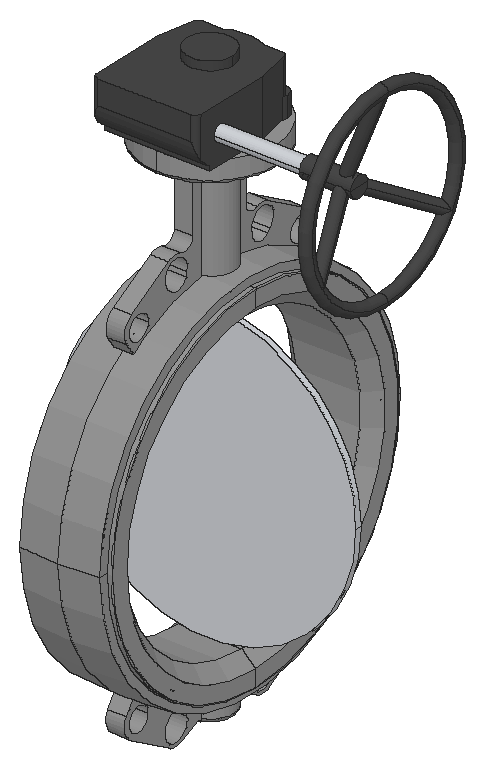
Revit family "Запорно-регулирующая заслонка с ручным редукторным приводом ZF-4219", category Rohrzubehör, Revit 2019
Family settings
  Bemaßung runder Anschluss = Durchmesser verwenden
  Teiletyp = Unterbricht
  Arbeitsebenenbasiert = Nein
  Immer vertikal = Ja
  Beim Laden mit Abzugskörper schneiden = Nein
  Gemeinsam genutzt = Nein
Parameters
  Шпиндель = "Нержавеющая сталь ASTM-A276 / Type 316"  # constant formula
  Фланцевое соединение = "В соответствии с EN1092-2"  # constant formula
  Уплотнение корпуса = "EPDM в соответствии с ISO 1691"  # constant formula
  Среда = "Качество теплоносителя в соответствии с ÖNORM H5195 и/или предписаниями VDI 2035.\r\nРазрешается использование смеси этилен или пропиленгликоля в соотношении 25-50% с водой."
  Область применения = "Применяются в системах тепло- и холодоснабжения."
  Номер заказа [instance] = size_lookup("4219_ZF_G", "Artnr", 1421901, Nennweite)  # 1421969
  Макс. рабочая температура = 110 °C  # constant formula
  Крутящий момент в Нм [instance] = size_lookup("4219_ZF_G", "NM", 350, Nennweite)  # 350
  Корпус = "Чугун GG, GJS-250/JL1040, в соответствии с EN1561"  # constant formula
  Диск = "Нержавеющая сталь 1.4408"  # constant formula
  Вес [instance] = size_lookup("4219_ZF_G", "M", 37.6, Nennweite)  # 37.6
  URL = "www.herz-armaturen.at"
  Болты PN16 [instance] = if(Nennweite = 50 mm, "4x M16x100", if(Nennweite = 65 mm, "4x M16x100", if(Nennweite = 80 mm, "8x M16x100", if(Nennweite = 100 mm, "8x M16x110", if(Nennweite = 125 mm, "8x M16x120", if(Nennweite = 150 mm, "8x M20x120", if(Nennweite = 200 mm, "12x M20x130", if(Nennweite = 250 mm, "12x M24x140", "12x M24x160"))))))))  # "12x M24x160"
  Болты PN 6 [instance] = if(Nennweite = 50 mm, "4x M12x100", if(Nennweite = 65 mm, "4x M12x100", if(Nennweite = 80 mm, "4x M16x100", if(Nennweite = 100 mm, "4x M16x100", if(Nennweite = 125 mm, "8x M16x110", if(Nennweite = 150 mm, "8x M16x110", if(Nennweite = 200 mm, "--", if(Nennweite = 250 mm, "12x M16x130", "12xM16x140"))))))))  # "12xM16x140"
  Болты PN10 [instance] = if(Nennweite = 50 mm, "4x M16x100", if(Nennweite = 65 mm, "4x M16x100", if(Nennweite = 80 mm, "4x M16x100", if(Nennweite = 100 mm, "4x M16x110", if(Nennweite = 125 mm, "8x M16x120", if(Nennweite = 150 mm, "8x M20x120", if(Nennweite = 200 mm, "8x M20x130", if(Nennweite = 250 mm, "12x M20x130", "12x M20x150"))))))))  # "12x M20x150"
  SCTWSEQ = "FW;SBT_TYP_FW=\"101\";2"
  SCTWCODE = "04;07;02"  # constant formula
  SCRNSEQ = "ARM;ARM_TYP=\"ALLF\";2"
  SCRNCODE = "05;13;02"  # constant formula
  R_Dichtung = 1.5 mm  # constant formula
  PN16 [instance] = or(Nennweite = 50 mm, Nennweite = 65 mm, Nennweite = 80 mm, Nennweite = 100 mm, Nennweite = 125 mm, Nennweite = 150 mm, Nennweite = 200 mm, Nennweite = 250 mm, Nennweite = 300 mm)  # yes
  PN10 [instance] = or(Nennweite = 50 mm, Nennweite = 65 mm, Nennweite = 80 mm, Nennweite = 100 mm, Nennweite = 125 mm, Nennweite = 150 mm, Nennweite = 200 mm, Nennweite = 250 mm, Nennweite = 300 mm)  # yes
  PN 6 [instance] = or(Nennweite = 50 mm, Nennweite = 65 mm, Nennweite = 80 mm, Nennweite = 100 mm, Nennweite = 125 mm, Nennweite = 150 mm, Nennweite = 250 mm, Nennweite = 300 mm)  # yes
  PN [instance] = 16  # constant formula
  O-Ring = "EPDM в соответствии с ISO 1691"  # constant formula
  Nennweite [instance] = 300 mm
  Мин. рабочая температура = "-20.00 °C при соответствующей водно-гликолевой смеси"  # constant formula
  LO1 [instance] = R05 + 10 mm  # 193 mm
  L16 [instance] = L01 - L13  # 299 mm
  L15 [instance] = L01 + L12  # 328 mm
  L14 [instance] = size_lookup("4219_ZF_G", "L_14", 44.4 mm, Nennweite)  # 89.4 mm
  L13 [instance] = size_lookup("4219_ZF_G", "L_13", 15 mm, Nennweite)  # 9 mm
  L12 [instance] = size_lookup("4219_ZF_G", "L_12", 15 mm, Nennweite)  # 20 mm
  L11 [instance] = size_lookup("4219_ZF_G", "L_11", 15 mm, Nennweite)  # 23 mm
  L10 [instance] = size_lookup("4219_ZF_G", "L_10", 16 mm, Nennweite)  # 16 mm
  L09 [instance] = size_lookup("4219_ZF_G", "L9", 29 mm, Nennweite)  # 61 mm
  L08 [instance] = size_lookup("4219_ZF_G", "L8", 43 mm, Nennweite)  # 78 mm
  L07 [instance] = size_lookup("4219_ZF_G", "L7", 3.5 mm, Nennweite)  # 4.5 mm
  L06 [instance] = size_lookup("4219_ZF_G", "L6", 18 mm, Nennweite)  # 44 mm
  L05 [instance] = size_lookup("4219_ZF_G", "L5", 35 mm, Nennweite)  # 67 mm
  L04 [instance] = size_lookup("4219_ZF_G", "L4", 35 mm, Nennweite)  # 17.5 mm
  L03 [instance] = size_lookup("4219_ZF_G", "L3", 35 mm, Nennweite)  # 207.5 mm
  L02 [instance] = size_lookup("4219_ZF_G", "L2", 35 mm, Nennweite)  # 122 mm
  L01 [instance] = size_lookup("4219_ZF_G", "L1", 35 mm, Nennweite)  # 308 mm
  Hersteller = "HERZ Armaturen Ges.m.b.H."  # constant formula
  H [instance] = size_lookup("4219_ZF_G", "H1", 9 mm, Nennweite)  # 22 mm
  DN300 [instance] = Nennweite = 300 mm  # yes
  DN250 [instance] = Nennweite = 250 mm  # no
  DN200 [instance] = Nennweite = 200 mm  # no
  DN150 [instance] = Nennweite = 150 mm  # no
  DN125 [instance] = Nennweite = 125 mm  # no
  DN100 [instance] = Nennweite = 100 mm  # no
  DN 80 [instance] = Nennweite = 80 mm  # no
  DN 65 [instance] = Nennweite = 65 mm  # no
  DN 50 [instance] = Nennweite = 50 mm  # no
  BD [instance] = size_lookup("4219_ZF_G", "DB", 24 mm, Nennweite)  # 290 mm
  D09 [instance] = size_lookup("4219_ZF_G", "D9", 24 mm, Nennweite)  # 145 mm
  D08 [instance] = size_lookup("4219_ZF_G", "D8", 47 mm, Nennweite)  # 18 mm
  D07 [instance] = size_lookup("4219_ZF_G", "D7", 47 mm, Nennweite)  # 37.5 mm
  D06 [instance] = size_lookup("4219_ZF_G", "D6", 47 mm, Nennweite)  # 65 mm
  R05 [instance] = size_lookup("4219_ZF_G", "D5", 47 mm, Nennweite)  # 183 mm
  D05 [instance] = R05 * 2  # 366 mm
  D04 [instance] = size_lookup("4219_ZF_G", "D4", 41 mm, Nennweite)  # 175 mm
  D03 [instance] = size_lookup("4219_ZF_G", "D3", 35.5 mm, Nennweite)  # 167.5 mm
  R01 [instance] = size_lookup("4219_ZF_G", "D1", 28 mm, Nennweite)  # 154.5 mm
  R02 [instance] = size_lookup("4219_ZF_G", "D2", 30 mm, Nennweite)  # 156.5 mm
Reference planes
  plane 1 "Mitte (Vorne/hinten)": y = 0
  plane 2: z = 0
  plane 3 "Mitte (Links/rechts)": x = 0
Forms (mm)
  Revolve 1, solid, material "Herz-Metall-blau", detail levels fine
    sketch origin (0, 0, 0) x (1, 0, 0) y (0, 1, 0)
      loop
        line (0, 185.241) -> (-39, 183) -> (-39, 175) -> (-30.5, 175) -> (-30.5, 167.5) -> (-32, 167.5)
        arc (-32, 167.5) -> (-33.061, 167.061) -> (-33.5, 166) r 1.5
        line (-33.5, 166) -> (-33.5, 156.824)
        arc (-33.5, 156.824) -> (-33.229, 155.964) -> (-32.513, 155.415) r 1.5
        line (-32.513, 155.415) -> (-29, 154.5) -> (-22, 154.5) -> (-22, 156.5) -> (22, 156.5) -> (22, 154.5) -> (29, 154.5) -> (32.513, 155.415)
        arc (32.513, 155.415) -> (33.229, 155.964) -> (33.5, 156.824) r 1.5
        line (33.5, 156.824) -> (33.5, 166)
        arc (33.5, 166) -> (33.061, 167.061) -> (32, 167.5) r 1.5
        line (32, 167.5) -> (30.5, 167.5) -> (30.5, 175) -> (39, 175) -> (39, 183) -> (0, 185.241)
      axis (39, 0) -> (-39, 0)
    angle from 0 to 360
  Extrusion 2, solid, material "Herz-Metall-blau", visible <- "DN 50", detail levels fine
    sketch origin (0, 0, 0) x (0, 1, 0) y (0, 0, 1)
      loop
        line (20, 54.051) -> (20.008, 111.113) -> (16.897, 110.952)
        arc (16.897, 110.952) -> (15.55, 110.331) -> (15, 108.954) r 2
        line (15, 108.954) -> (15, 44.542)
        arc (15, 44.542) -> (31.465, 34.913) -> (42.748, 19.534) r 47
        arc (42.748, 19.534) -> (42.633, 20.873) -> (43.392, 21.983) r 2
        line (43.392, 21.983) -> (54.714, 30.209)
        arc (54.714, 30.209) -> (56.569, 56.569) -> (30.209, 54.714) r 17.5
        line (30.209, 54.714) -> (27.87, 51.494)
        arc (27.87, 51.494) -> (23.006, 49.914) -> (20, 54.051) r 4.35
      loop
        arc (32.065, 41.998) -> (33.588, 33.588) -> (41.998, 32.065) r 7.5
        line (41.998, 32.065) -> (48.502, 35.17)
        arc (48.502, 35.17) -> (51.265, 51.265) -> (35.17, 48.502) r 10
        line (35.17, 48.502) -> (32.065, 41.998)
      loop
        arc (-20, 54.051) -> (-23.006, 49.914) -> (-27.87, 51.494) r 4.35
        line (-27.87, 51.494) -> (-30.209, 54.714)
        arc (-30.209, 54.714) -> (-56.569, 56.569) -> (-54.714, 30.209) r 17.5
        line (-54.714, 30.209) -> (-43.392, 21.983)
        arc (-43.392, 21.983) -> (-42.633, 20.873) -> (-42.748, 19.534) r 2
        arc (-42.748, 19.534) -> (-31.465, 34.913) -> (-15, 44.542) r 47
        line (-15, 44.542) -> (-15, 108.954)
        arc (-15, 108.954) -> (-15.55, 110.331) -> (-16.897, 110.952) r 2
        line (-16.897, 110.952) -> (-20.008, 111.113) -> (-20, 54.051)
      loop
        line (-32.065, 41.998) -> (-35.17, 48.502)
        arc (-35.17, 48.502) -> (-51.265, 51.265) -> (-48.502, 35.17) r 10
        line (-48.502, 35.17) -> (-41.998, 32.065)
        arc (-41.998, 32.065) -> (-33.588, 33.588) -> (-32.065, 41.998) r 7.5
      loop
        line (32.065, -41.998) -> (35.17, -48.502)
        arc (35.17, -48.502) -> (51.265, -51.265) -> (48.502, -35.17) r 10
        line (48.502, -35.17) -> (41.998, -32.065)
        arc (41.998, -32.065) -> (33.588, -33.588) -> (32.065, -41.998) r 7.5
      loop
        line (54.714, -30.209) -> (43.392, -21.983)
        arc (43.392, -21.983) -> (42.633, -20.873) -> (42.748, -19.534) r 2
        arc (42.748, -19.534) -> (33.234, -33.234) -> (19.534, -42.748) r 47
        arc (19.534, -42.748) -> (20.873, -42.633) -> (21.983, -43.392) r 2
        line (21.983, -43.392) -> (30.209, -54.714)
        arc (30.209, -54.714) -> (56.569, -56.569) -> (54.714, -30.209) r 17.5
      loop
        arc (-32.065, -41.998) -> (-33.588, -33.588) -> (-41.998, -32.065) r 7.5
        line (-41.998, -32.065) -> (-48.502, -35.17)
        arc (-48.502, -35.17) -> (-51.265, -51.265) -> (-35.17, -48.502) r 10
        line (-35.17, -48.502) -> (-32.065, -41.998)
      loop
        arc (-54.714, -30.209) -> (-56.569, -56.569) -> (-30.209, -54.714) r 17.5
        line (-30.209, -54.714) -> (-21.983, -43.392)
        arc (-21.983, -43.392) -> (-20.873, -42.633) -> (-19.534, -42.748) r 2
        arc (-19.534, -42.748) -> (-33.234, -33.234) -> (-42.748, -19.534) r 47
        arc (-42.748, -19.534) -> (-42.633, -20.873) -> (-43.392, -21.983) r 2
        line (-43.392, -21.983) -> (-54.714, -30.209)
    from -4.5 to 4.5
  Extrusion 3, solid, material "Herz-Metall-blau", visible <- "DN 65", detail levels fine
    sketch origin (0, 0, 0) x (0, 1, 0) y (0, 0, 1)
      loop
        arc (51.659, 21.619) -> (51.541, 22.778) -> (52.089, 23.805) r 2
        line (52.089, 23.805) -> (65.407, 37.123)
        arc (65.407, 37.123) -> (65.407, 65.407) -> (37.123, 65.407) r 20
        line (37.123, 65.407) -> (29.414, 57.699)
        arc (29.414, 57.699) -> (27.235, 57.265) -> (26, 59.113) r 2
        line (26, 59.113) -> (26, 136.154) -> (19.897, 135.838)
        arc (19.897, 135.838) -> (18.55, 135.218) -> (18, 133.841) r 2
        line (18, 133.841) -> (18, 53.028)
        arc (18, 53.028) -> (38.206, 40.942) -> (51.659, 21.619) r 56
      loop
        arc (55.637, 42.831) -> (57.983, 57.983) -> (42.831, 55.637) r 9.5
        line (42.831, 55.637) -> (39.647, 48.983)
        arc (39.647, 48.983) -> (41.012, 41.012) -> (48.983, 39.647) r 7
        line (48.983, 39.647) -> (55.637, 42.831)
      loop
        arc (51.659, -21.619) -> (39.598, -39.598) -> (21.619, -51.659) r 56
        arc (21.619, -51.659) -> (22.778, -51.541) -> (23.805, -52.089) r 2
        line (23.805, -52.089) -> (37.123, -65.407)
        arc (37.123, -65.407) -> (65.407, -65.407) -> (65.407, -37.123) r 20
        line (65.407, -37.123) -> (52.089, -23.805)
        arc (52.089, -23.805) -> (51.541, -22.778) -> (51.659, -21.619) r 2
      loop
        line (55.637, -42.831) -> (48.983, -39.647)
        arc (48.983, -39.647) -> (41.012, -41.012) -> (39.647, -48.983) r 7
        line (39.647, -48.983) -> (42.831, -55.637)
        arc (42.831, -55.637) -> (57.983, -57.983) -> (55.637, -42.831) r 9.5
      loop
        arc (-51.659, -21.619) -> (-51.541, -22.778) -> (-52.089, -23.805) r 2
        line (-52.089, -23.805) -> (-65.407, -37.123)
        arc (-65.407, -37.123) -> (-65.407, -65.407) -> (-37.123, -65.407) r 20
        line (-37.123, -65.407) -> (-23.805, -52.089)
        arc (-23.805, -52.089) -> (-22.778, -51.541) -> (-21.619, -51.659) r 2
        arc (-21.619, -51.659) -> (-39.598, -39.598) -> (-51.659, -21.619) r 56
      loop
        arc (-55.637, -42.831) -> (-57.983, -57.983) -> (-42.831, -55.637) r 9.5
        line (-42.831, -55.637) -> (-39.647, -48.983)
        arc (-39.647, -48.983) -> (-41.012, -41.012) -> (-48.983, -39.647) r 7
        line (-48.983, -39.647) -> (-55.637, -42.831)
      loop
        arc (-51.659, 21.619) -> (-38.206, 40.942) -> (-18, 53.028) r 56
        line (-18, 53.028) -> (-18, 133.838)
        arc (-18, 133.838) -> (-18.55, 135.215) -> (-19.897, 135.835) r 2
        line (-19.897, 135.835) -> (-26, 136.151) -> (-26, 59.113)
        arc (-26, 59.113) -> (-27.235, 57.265) -> (-29.414, 57.699) r 2
        line (-29.414, 57.699) -> (-37.123, 65.407)
        arc (-37.123, 65.407) -> (-65.407, 65.407) -> (-65.407, 37.123) r 20
        line (-65.407, 37.123) -> (-52.089, 23.805)
        arc (-52.089, 23.805) -> (-51.541, 22.778) -> (-51.659, 21.619) r 2
      loop
        line (-55.637, 42.831) -> (-48.983, 39.647)
        arc (-48.983, 39.647) -> (-41.012, 41.012) -> (-39.647, 48.983) r 7
        line (-39.647, 48.983) -> (-42.831, 55.637)
        arc (-42.831, 55.637) -> (-57.983, 57.983) -> (-55.637, 42.831) r 9.5
    from -4.5 to 4.5
  Extrusion 4, solid, material "Herz-Metall-blau", visible <- "DN 80", detail levels fine
    sketch origin (0, 0, 0) x (0, 1, 0) y (0, 0, 1)
      loop
        line (26, 143.161) -> (20.397, 142.871)
        arc (20.397, 142.871) -> (19.05, 142.251) -> (18.5, 140.874) r 2
        line (18.5, 140.874) -> (18.5, 62.833)
        arc (18.5, 62.833) -> (41.296, 50.842) -> (57.706, 30.989) r 65.5
        arc (57.706, 30.989) -> (57.482, 32.176) -> (57.983, 33.275) r 2
        line (57.983, 33.275) -> (67.23, 43.52)
        arc (67.23, 43.52) -> (70.328, 54.798) -> (65.407, 65.407) r 17
        line (65.407, 65.407) -> (42.005, 86.53)
        arc (42.005, 86.53) -> (37.832, 89.302) -> (33.031, 90.738) r 17
        arc (33.031, 90.738) -> (27.974, 93.895) -> (26, 99.52) r 9
        line (26, 99.52) -> (26, 143.161)
      loop
        circle (30.615, 73.91) r 9.5
      loop
        circle (53.387, 53.387) r 9.5
      loop
        arc (57.706, -30.989) -> (41.296, -50.842) -> (18.5, -62.833) r 65.5
        line (18.5, -62.833) -> (18.5, -85.837)
        arc (18.5, -85.837) -> (30.113, -90.903) -> (42.005, -86.53) r 17
        line (42.005, -86.53) -> (65.407, -65.407)
        arc (65.407, -65.407) -> (70.328, -54.798) -> (67.23, -43.52) r 17
        line (67.23, -43.52) -> (57.983, -33.275)
        arc (57.983, -33.275) -> (57.482, -32.176) -> (57.706, -30.989) r 2
      loop
        circle (30.615, -73.91) r 9.5
      loop
        circle (53.387, -53.387) r 9.5
      loop
        arc (-57.706, -30.989) -> (-57.482, -32.176) -> (-57.983, -33.275) r 2
        line (-57.983, -33.275) -> (-67.23, -43.52)
        arc (-67.23, -43.52) -> (-70.328, -54.798) -> (-65.407, -65.407) r 17
        line (-65.407, -65.407) -> (-42.005, -86.53)
        arc (-42.005, -86.53) -> (-30.113, -90.903) -> (-18.5, -85.837) r 17
        line (-18.5, -85.837) -> (-18.5, -62.833)
        arc (-18.5, -62.833) -> (-41.296, -50.842) -> (-57.706, -30.989) r 65.5
      loop
        circle (-30.615, -73.91) r 9.5
      loop
        circle (-53.387, -53.387) r 9.5
      loop
        line (-26, 143.179) -> (-26, 99.52)
        arc (-26, 99.52) -> (-27.974, 93.895) -> (-33.031, 90.738) r 9
        arc (-33.031, 90.738) -> (-37.832, 89.302) -> (-42.005, 86.53) r 17
        line (-42.005, 86.53) -> (-65.407, 65.407)
        arc (-65.407, 65.407) -> (-70.328, 54.798) -> (-67.23, 43.52) r 17
        line (-67.23, 43.52) -> (-57.983, 33.275)
        arc (-57.983, 33.275) -> (-57.482, 32.176) -> (-57.706, 30.989) r 2
        arc (-57.706, 30.989) -> (-41.296, 50.842) -> (-18.5, 62.833) r 65.5
        line (-18.5, 62.833) -> (-18.5, 140.891)
        arc (-18.5, 140.891) -> (-19.05, 142.268) -> (-20.397, 142.888) r 2
        line (-20.397, 142.888) -> (-26, 143.179)
      loop
        circle (-30.615, 73.91) r 9.5
      loop
        circle (-53.387, 53.387) r 9.5
    from -4.5 to 4.5
  Extrusion 5, solid, material "Herz-Metall-blau", visible <- "DN100", detail levels fine
    sketch origin (0, 0, 0) x (0, 1, 0) y (0, 0, 1)
      loop
        line (64.131, 38.887) -> (73.681, 49.873)
        arc (73.681, 49.873) -> (77.063, 61.29) -> (72.125, 72.125) r 17
        line (72.125, 72.125) -> (45.809, 95.79)
        arc (45.809, 95.79) -> (41.366, 98.675) -> (36.25, 100.053) r 17
        arc (36.25, 100.053) -> (28.882, 104.596) -> (26, 112.759) r 13
        line (26, 112.759) -> (26, 166.173) -> (20.397, 165.883)
        arc (20.397, 165.883) -> (19.05, 165.263) -> (18.5, 163.886) r 2
        line (18.5, 163.886) -> (18.5, 72.683)
        arc (18.5, 72.683) -> (44.637, 60.27) -> (64.131, 38.887) r 75
      loop
        circle (60.104, 60.104) r 9.5
      loop
        circle (34.442, 83.149) r 9.5
      loop
        arc (64.131, -38.887) -> (44.637, -60.27) -> (18.5, -72.683) r 75
        line (18.5, -72.683) -> (18.5, -95.329)
        arc (18.5, -95.329) -> (21.473, -95.603) -> (24.233, -96.743) r 10
        arc (24.233, -96.743) -> (35.191, -100.133) -> (45.809, -95.79) r 17
        line (45.809, -95.79) -> (72.125, -72.125)
        arc (72.125, -72.125) -> (77.063, -61.29) -> (73.681, -49.873) r 17
        line (73.681, -49.873) -> (64.131, -38.887)
      loop
        circle (60.104, -60.104) r 9.5
      loop
        circle (34.442, -83.149) r 9.5
      loop
        line (-64.131, -38.887) -> (-73.681, -49.873)
        arc (-73.681, -49.873) -> (-77.063, -61.29) -> (-72.125, -72.125) r 17
        line (-72.125, -72.125) -> (-45.809, -95.79)
        arc (-45.809, -95.79) -> (-35.191, -100.133) -> (-24.233, -96.743) r 17
        arc (-24.233, -96.743) -> (-21.473, -95.603) -> (-18.5, -95.329) r 10
        line (-18.5, -95.329) -> (-18.5, -72.683)
        arc (-18.5, -72.683) -> (-44.637, -60.27) -> (-64.131, -38.887) r 75
      loop
        circle (-60.104, -60.104) r 9.5
      loop
        circle (-34.442, -83.149) r 9.5
      loop
        arc (-64.131, 38.887) -> (-44.637, 60.27) -> (-18.5, 72.683) r 75
        line (-18.5, 72.683) -> (-18.5, 163.876)
        arc (-18.5, 163.876) -> (-19.05, 165.253) -> (-20.397, 165.873) r 2
        line (-20.397, 165.873) -> (-26, 166.164) -> (-26, 112.759)
        arc (-26, 112.759) -> (-28.882, 104.596) -> (-36.25, 100.053) r 13
        arc (-36.25, 100.053) -> (-41.366, 98.675) -> (-45.809, 95.79) r 17
        line (-45.809, 95.79) -> (-72.125, 72.125)
        arc (-72.125, 72.125) -> (-77.063, 61.29) -> (-73.681, 49.873) r 17
        line (-73.681, 49.873) -> (-64.131, 38.887)
      loop
        circle (-60.104, 60.104) r 9.5
      loop
        circle (-34.442, 83.149) r 9.5
    from -4.5 to 4.5
  Extrusion 6, solid, material "Herz-Metall-blau", visible <- "DN125", detail levels fine
    sketch origin (0, 0, 0) x (0, 1, 0) y (0, 0, 1)
      loop
        arc (75.229, 48.945) -> (74.917, 50.244) -> (75.492, 51.45) r 2
        line (75.492, 51.45) -> (82.731, 58.69)
        arc (82.731, 58.69) -> (87.711, 70.711) -> (82.731, 82.731) r 17
        line (82.731, 82.731) -> (51.291, 109.875)
        arc (51.291, 109.875) -> (46.108, 112.941) -> (40.182, 114.007) r 17
        line (40.182, 114.007) -> (38, 114.007)
        arc (38, 114.007) -> (29.515, 117.522) -> (26, 126.007) r 12
        line (26, 126.007) -> (26, 185.157) -> (20.397, 184.867)
        arc (20.397, 184.867) -> (19.05, 184.246) -> (18.5, 182.869) r 2
        line (18.5, 182.869) -> (18.5, 87.823)
        arc (18.5, 87.823) -> (50.736, 74.033) -> (75.229, 48.945) r 89.75
      loop
        circle (40.182, 97.007) r 9.5
      loop
        circle (70.711, 70.711) r 9.5
      loop
        arc (75.229, -48.945) -> (50.736, -74.033) -> (18.5, -87.823) r 89.75
        line (18.5, -87.823) -> (18.5, -108.431)
        arc (18.5, -108.431) -> (24.248, -107.655) -> (29.46, -110.2) r 10
        arc (29.46, -110.2) -> (40.434, -114.005) -> (51.291, -109.875) r 17
        line (51.291, -109.875) -> (82.731, -82.731)
        arc (82.731, -82.731) -> (87.711, -70.711) -> (82.731, -58.69) r 17
        line (82.731, -58.69) -> (75.492, -51.45)
        arc (75.492, -51.45) -> (74.917, -50.244) -> (75.229, -48.945) r 2
      loop
        circle (40.182, -97.007) r 9.5
      loop
        circle (70.711, -70.711) r 9.5
      loop
        arc (-75.229, -48.945) -> (-74.917, -50.244) -> (-75.492, -51.45) r 2
        line (-75.492, -51.45) -> (-82.731, -58.69)
        arc (-82.731, -58.69) -> (-87.711, -70.711) -> (-82.731, -82.731) r 17
        line (-82.731, -82.731) -> (-51.291, -109.875)
        arc (-51.291, -109.875) -> (-40.434, -114.005) -> (-29.46, -110.2) r 17
        arc (-29.46, -110.2) -> (-24.248, -107.655) -> (-18.5, -108.431) r 10
        line (-18.5, -108.431) -> (-18.5, -87.823)
        arc (-18.5, -87.823) -> (-50.736, -74.033) -> (-75.229, -48.945) r 89.75
      loop
        circle (-40.182, -97.007) r 9.5
      loop
        circle (-70.711, -70.711) r 9.5
      loop
        arc (-75.229, 48.945) -> (-50.736, 74.033) -> (-18.5, 87.823) r 89.75
        line (-18.5, 87.823) -> (-18.5, 182.852)
        arc (-18.5, 182.852) -> (-19.05, 184.23) -> (-20.397, 184.85) r 2
        line (-20.397, 184.85) -> (-26, 185.14) -> (-26, 126.007)
        arc (-26, 126.007) -> (-29.515, 117.522) -> (-38, 114.007) r 12
        line (-38, 114.007) -> (-40.182, 114.007)
        arc (-40.182, 114.007) -> (-46.108, 112.941) -> (-51.291, 109.875) r 17
        line (-51.291, 109.875) -> (-82.731, 82.731)
        arc (-82.731, 82.731) -> (-87.711, 70.711) -> (-82.731, 58.69) r 17
        line (-82.731, 58.69) -> (-75.492, 51.45)
        arc (-75.492, 51.45) -> (-74.917, 50.244) -> (-75.229, 48.945) r 2
      loop
        circle (-40.182, 97.007) r 9.5
      loop
        circle (-70.711, 70.711) r 9.5
    from -6 to 6
  Extrusion 7, solid, material "Herz-Metall-blau", visible <- "DN150", detail levels fine
    sketch origin (0, 0, 0) x (0, 1, 0) y (0, 0, 1)
      loop
        line (83.495, 59.454) -> (91.57, 67.529)
        arc (91.57, 67.529) -> (96.55, 79.55) -> (91.57, 91.57) r 17
        line (91.57, 91.57) -> (57.511, 123.304)
        arc (57.511, 123.304) -> (45.758, 127.865) -> (34.095, 123.077) r 17
        arc (34.095, 123.077) -> (28.976, 122.416) -> (26, 126.633) r 5
        line (26, 126.633) -> (26, 198.177) -> (20.397, 197.887)
        arc (20.397, 197.887) -> (19.05, 197.267) -> (18.5, 195.889) r 2
        line (18.5, 195.889) -> (18.5, 100.817)
        arc (18.5, 100.817) -> (55.032, 86.474) -> (83.495, 59.454) r 102.5
      loop
        circle (45.922, 110.866) r 11.5
      loop
        circle (79.55, 79.55) r 9.5
      loop
        circle (45.922, -110.866) r 11.5
      loop
        circle (79.55, -79.55) r 9.5
      loop
        line (91.57, -67.529) -> (83.495, -59.454)
        arc (83.495, -59.454) -> (55.032, -86.474) -> (18.5, -100.817) r 102.5
        line (18.5, -100.817) -> (18.5, -123.208)
        arc (18.5, -123.208) -> (19.363, -121.755) -> (21.03, -121.482) r 2
        line (21.03, -121.482) -> (42.642, -127.546)
        arc (42.642, -127.546) -> (50.587, -127.213) -> (57.511, -123.304) r 17
        line (57.511, -123.304) -> (91.57, -91.57)
        arc (91.57, -91.57) -> (96.55, -79.55) -> (91.57, -67.529) r 17
      loop
        arc (-83.495, 59.454) -> (-55.032, 86.474) -> (-18.5, 100.817) r 102.5
        line (-18.5, 100.817) -> (-18.5, 195.875)
        arc (-18.5, 195.875) -> (-19.05, 197.252) -> (-20.397, 197.872) r 2
        line (-20.397, 197.872) -> (-26, 198.163) -> (-26, 126.633)
        arc (-26, 126.633) -> (-28.976, 122.416) -> (-34.095, 123.077) r 5
        arc (-34.095, 123.077) -> (-45.758, 127.865) -> (-57.511, 123.304) r 17
        line (-57.511, 123.304) -> (-91.57, 91.57)
        arc (-91.57, 91.57) -> (-96.55, 79.55) -> (-91.57, 67.529) r 17
        line (-91.57, 67.529) -> (-83.495, 59.454)
      loop
        circle (-45.922, 110.866) r 11.5
      loop
        circle (-79.55, 79.55) r 9.5
      loop
        circle (-45.922, -110.866) r 11.5
      loop
        circle (-79.55, -79.55) r 9.5
      loop
        arc (-91.57, -67.529) -> (-96.55, -79.55) -> (-91.57, -91.57) r 17
        line (-91.57, -91.57) -> (-57.511, -123.304)
        arc (-57.511, -123.304) -> (-50.587, -127.213) -> (-42.642, -127.546) r 17
        line (-42.642, -127.546) -> (-21.03, -121.482)
        arc (-21.03, -121.482) -> (-19.363, -121.755) -> (-18.5, -123.208) r 2
        line (-18.5, -123.208) -> (-18.5, -100.817)
        arc (-18.5, -100.817) -> (-55.032, -86.474) -> (-83.495, -59.454) r 102.5
        line (-83.495, -59.454) -> (-91.57, -67.529)
    from -7 to 7
  Extrusion 8, solid, material "Herz-Metall-blau", visible <- "DN200", detail levels fine
    sketch origin (0, 0, 0) x (0, 1, 0) y (0, 0, 1)
      loop
        arc (42.048, 153.832) -> (26.654, 145.827) -> (35.349, 130.812) r 12
        line (35.349, 130.812) -> (53.31, 124.689)
        arc (53.31, 124.689) -> (67.804, 132.4) -> (61.038, 147.359) r 12
        line (61.038, 147.359) -> (42.048, 153.832)
      loop
        line (28, 226.273) -> (22.065, 226.047)
        arc (22.065, 226.047) -> (20.655, 225.469) -> (20, 224.092) r 2.114
        line (20, 224.092) -> (20, 129.471)
        arc (20, 129.471) -> (49.604, 121.273) -> (76.485, 106.406) r 130.989
        line (76.485, 106.406) -> (76.485, 136.265)
        arc (76.485, 136.265) -> (73.108, 147.391) -> (64.117, 154.764) r 20.019
        line (64.117, 154.764) -> (38.16, 163.592)
        arc (38.16, 163.592) -> (30.802, 169.06) -> (28, 177.79) r 15
        line (28, 177.79) -> (28, 226.273)
      loop
        line (42.048, -153.832) -> (61.038, -147.359)
        arc (61.038, -147.359) -> (67.804, -132.4) -> (53.31, -124.689) r 12
        line (53.31, -124.689) -> (35.349, -130.812)
        arc (35.349, -130.812) -> (26.654, -145.827) -> (42.048, -153.832) r 12
      loop
        arc (76.446, -106.382) -> (49.585, -121.253) -> (20, -129.464) r 131
        line (20, -129.464) -> (20, -141.835)
        arc (20, -141.835) -> (28.361, -158.099) -> (46.453, -160.765) r 20
        line (46.453, -160.765) -> (64.099, -154.75)
        arc (64.099, -154.75) -> (73.075, -147.384) -> (76.446, -136.272) r 20
        line (76.446, -136.272) -> (76.446, -106.382)
      loop
        arc (-42.048, -153.832) -> (-26.654, -145.827) -> (-35.349, -130.812) r 12
        line (-35.349, -130.812) -> (-53.31, -124.689)
        arc (-53.31, -124.689) -> (-67.804, -132.4) -> (-61.038, -147.359) r 12
        line (-61.038, -147.359) -> (-42.048, -153.832)
      loop
        line (-76.446, -106.382) -> (-76.446, -136.272)
        arc (-76.446, -136.272) -> (-73.075, -147.384) -> (-64.099, -154.75) r 20
        line (-64.099, -154.75) -> (-46.453, -160.765)
        arc (-46.453, -160.765) -> (-28.361, -158.099) -> (-20, -141.835) r 20
        line (-20, -141.835) -> (-20, -129.464)
        arc (-20, -129.464) -> (-49.585, -121.253) -> (-76.446, -106.382) r 131
      loop
        line (-42.048, 153.832) -> (-61.038, 147.359)
        arc (-61.038, 147.359) -> (-67.804, 132.4) -> (-53.31, 124.689) r 12
        line (-53.31, 124.689) -> (-35.349, 130.812)
        arc (-35.349, 130.812) -> (-26.654, 145.827) -> (-42.048, 153.832) r 12
      loop
        line (-28, 226.278) -> (-28, 177.79)
        arc (-28, 177.79) -> (-30.802, 169.06) -> (-38.16, 163.592) r 15
        line (-38.16, 163.592) -> (-64.117, 154.764)
        arc (-64.117, 154.764) -> (-73.108, 147.391) -> (-76.485, 136.265) r 20.019
        line (-76.485, 136.265) -> (-76.485, 106.406)
        arc (-76.485, 106.406) -> (-49.604, 121.273) -> (-20, 129.471) r 130.989
        line (-20, 129.471) -> (-20, 224.098)
        arc (-20, 224.098) -> (-20.655, 225.475) -> (-22.065, 226.053) r 2.114
        line (-22.065, 226.053) -> (-28, 226.278)
    from -7 to 7
  Extrusion 9, solid, material "Herz-Metall-blau", visible <- "DN250", detail levels fine
    sketch origin (0, 0, 0) x (0, 1, 0) y (0, 0, 1)
      loop
        arc (-95.9, 125.382) -> (-61.406, 145.382) -> (-23, 156.095) r 157.75
        line (-23, 156.095) -> (-23, 258.814)
        arc (-23, 258.814) -> (-23.588, 260.113) -> (-24.893, 260.69) r 2
        line (-24.893, 260.69) -> (-32, 261.058) -> (-32, 187.712)
        arc (-32, 187.712) -> (-33.507, 185.205) -> (-36.428, 185.359) r 2.84
        arc (-36.428, 185.359) -> (-43.951, 188.152) -> (-51.918, 187.184) r 17
        line (-51.918, 187.184) -> (-97.072, 155.872)
        arc (-97.072, 155.872) -> (-100.207, 149.167) -> (-100.195, 141.765) r 17
        line (-100.195, 141.765) -> (-95.9, 125.382)
      loop
        circle (-83.608, 145.492) r 9.5
      loop
        circle (-45.549, 171.269) r 14
      loop
        arc (96.192, -125.349) -> (61.575, -145.51) -> (23, -156.317) r 157.999
        line (23, -156.317) -> (23, -181.388) -> (27.217, -181.388)
        arc (27.217, -181.388) -> (30.142, -181.826) -> (32.812, -183.1) r 10
        line (32.812, -183.1) -> (36.428, -185.542)
        arc (36.428, -185.542) -> (44.468, -188.388) -> (52.878, -186.972) r 17
        line (52.878, -186.972) -> (97.463, -155.872)
        arc (97.463, -155.872) -> (100.598, -149.167) -> (100.586, -141.765) r 17
        line (100.586, -141.765) -> (96.192, -125.349)
      loop
        circle (84, -145.492) r 9.5
      loop
        circle (45.94, -171.452) r 14
      loop
        line (-96.192, -125.349) -> (-100.586, -141.765)
        arc (-100.586, -141.765) -> (-100.598, -149.167) -> (-97.463, -155.872) r 17
        line (-97.463, -155.872) -> (-52.878, -186.972)
        arc (-52.878, -186.972) -> (-44.468, -188.388) -> (-36.428, -185.542) r 17
        line (-36.428, -185.542) -> (-32.812, -183.1)
        arc (-32.812, -183.1) -> (-30.142, -181.826) -> (-27.217, -181.388) r 10
        line (-27.217, -181.388) -> (-23, -181.388) -> (-23, -156.317)
        arc (-23, -156.317) -> (-61.575, -145.51) -> (-96.192, -125.349) r 157.999
      loop
        circle (-84, -145.492) r 9.5
      loop
        circle (-45.94, -171.452) r 14
      loop
        line (95.9, 125.2) -> (100.195, 141.582)
        arc (100.195, 141.582) -> (100.207, 148.984) -> (97.072, 155.689) r 17
        line (97.072, 155.689) -> (51.919, 187.036)
        arc (51.919, 187.036) -> (43.952, 188.006) -> (36.428, 185.212) r 17
        arc (36.428, 185.212) -> (33.507, 185.058) -> (32, 187.566) r 2.84
        line (32, 187.566) -> (32, 261.045) -> (24.893, 260.677)
        arc (24.893, 260.677) -> (23.588, 260.1) -> (23, 258.801) r 2
        line (23, 258.801) -> (23, 155.948)
        arc (23, 155.948) -> (61.411, 145.223) -> (95.9, 125.2) r 157.605
      loop
        circle (83.608, 145.31) r 9.5
      loop
        circle (45.549, 171.122) r 14
    from -9 to 9
  Extrusion 10, solid, material "Herz-Metall-blau", visible <- "DN300", detail levels fine
    sketch origin (0, 0, 0) x (0, 1, 0) y (0, 0, 1)
      loop
        arc (62.57, 187.834) -> (56.268, 211.23) -> (39.112, 194.12) r 14
        line (39.112, 194.12) -> (40.223, 189.928)
        arc (40.223, 189.928) -> (48.374, 181.769) -> (59.504, 184.767) r 11.5
        line (59.504, 184.767) -> (62.57, 187.834)
      loop
        circle (98.337, 170.892) r 12
      loop
        arc (113.094, 162.454) -> (114.748, 175.326) -> (106.837, 185.615) r 17
        line (106.837, 185.615) -> (61.701, 211.919)
        arc (61.701, 211.919) -> (54.44, 214.463) -> (46.806, 213.516) r 16.852
        arc (46.806, 213.516) -> (36.904, 213.681) -> (32, 222.285) r 10
        line (32, 222.285) -> (32, 286.38) -> (24.895, 286.033)
        arc (24.895, 286.033) -> (23.576, 285.442) -> (23, 284.117) r 2
        line (23, 284.117) -> (23, 181.202)
        arc (23, 181.202) -> (65.613, 170.505) -> (104.437, 149.94) r 182.63
        line (104.437, 149.94) -> (113.094, 162.454)
      loop
        line (62.984, -188.142) -> (59.917, -185.075)
        arc (59.917, -185.075) -> (48.787, -182.077) -> (40.637, -190.235) r 11.5
        line (40.637, -190.235) -> (39.525, -194.427)
        arc (39.525, -194.427) -> (56.681, -211.538) -> (62.984, -188.142) r 14
      loop
        circle (98.75, -171.04) r 12
      loop
        line (113.508, -162.601) -> (104.75, -150.055)
        arc (104.75, -150.055) -> (65.787, -170.766) -> (23, -181.549) r 183
        line (23, -181.549) -> (23, -206.327)
        arc (23, -206.327) -> (24.157, -204.218) -> (26.558, -204.062) r 2.5
        line (26.558, -204.062) -> (45.918, -213.443)
        arc (45.918, -213.443) -> (53.906, -214.994) -> (61.701, -212.654) r 17
        line (61.701, -212.654) -> (107.25, -185.762)
        arc (107.25, -185.762) -> (115.162, -175.474) -> (113.508, -162.601) r 17
      loop
        arc (-62.984, -188.142) -> (-56.681, -211.538) -> (-39.525, -194.427) r 14
        line (-39.525, -194.427) -> (-40.637, -190.235)
        arc (-40.637, -190.235) -> (-48.787, -182.077) -> (-59.917, -185.075) r 11.5
        line (-59.917, -185.075) -> (-62.984, -188.142)
      loop
        circle (-98.75, -171.04) r 12
      loop
        arc (-113.508, -162.601) -> (-115.162, -175.474) -> (-107.25, -185.762) r 17
        line (-107.25, -185.762) -> (-61.701, -212.654)
        arc (-61.701, -212.654) -> (-53.906, -214.994) -> (-45.918, -213.443) r 17
        line (-45.918, -213.443) -> (-26.558, -204.062)
        arc (-26.558, -204.062) -> (-24.157, -204.218) -> (-23, -206.327) r 2.5
        line (-23, -206.327) -> (-23, -181.549)
        arc (-23, -181.549) -> (-65.787, -170.766) -> (-104.75, -150.055) r 183
        line (-104.75, -150.055) -> (-113.508, -162.601)
      loop
        line (-62.574, 188.142) -> (-59.508, 185.075)
        arc (-59.508, 185.075) -> (-48.378, 182.077) -> (-40.227, 190.235) r 11.5
        line (-40.227, 190.235) -> (-39.116, 194.427)
        arc (-39.116, 194.427) -> (-56.272, 211.538) -> (-62.574, 188.142) r 14
      loop
        circle (-98.34, 171.04) r 12
      loop
        line (-113.098, 162.601) -> (-104.44, 150.087)
        arc (-104.44, 150.087) -> (-65.611, 170.637) -> (-23, 181.326) r 182.753
        line (-23, 181.326) -> (-23, 284.115)
        arc (-23, 284.115) -> (-23.577, 285.441) -> (-24.896, 286.032) r 2
        line (-24.896, 286.032) -> (-32, 286.379) -> (-32, 222.593)
        arc (-32, 222.593) -> (-37.217, 213.811) -> (-47.425, 214.193) r 10
        arc (-47.425, 214.193) -> (-54.523, 214.911) -> (-61.291, 212.654) r 17
        line (-61.291, 212.654) -> (-106.84, 185.762)
        arc (-106.84, 185.762) -> (-114.752, 175.474) -> (-113.098, 162.601) r 17
    from -9 to 9
  Revolve 11, solid, material "Herz-Metall-blau"
    sketch origin (0, 0, 0) x (0, 1, 0) y (0, 0, 1)
      loop
        line (0, -183) -> (0, -207.5) -> (20, -207.5)
        arc (20, -207.5) -> (22.121, -206.621) -> (23, -204.5) r 3
        line (23, -204.5) -> (23, -181.549)
        arc (23, -181.549) -> (11.523, -182.637) -> (0, -183) r 183
      axis (0, -181.549) -> (0, -207.5)
    angle from 0 to 360
  Revolve 12, solid, material "Herz-Metall-blau"
    sketch origin (0, 0, 0) x (0, 1, 0) y (0, 0, 1)
      loop
        line (0, 299) -> (0, 183)
        arc (0, 183) -> (11.523, 182.637) -> (23, 181.549) r 183
        line (23, 181.549) -> (23, 284)
        arc (23, 284) -> (23.549, 285.377) -> (24.895, 285.998) r 2
        line (24.895, 285.998) -> (63.105, 288)
        arc (63.105, 288) -> (64.451, 288.621) -> (65, 289.997) r 2
        line (65, 289.997) -> (65, 308) -> (37.5, 308) -> (37.5, 299) -> (0, 299)
      axis (0, 308) -> (0, 181.549)
    angle from 0 to 360
  Revolve 13, solid, material "Gummi"
    sketch origin (0, 0, 0) x (1, 0, 0) y (0, 0, 1)
      loop
        arc (-43.208, 175) -> (-44.263, 174.563) -> (-44.7, 173.508) r 1.492
        line (-44.7, 173.508) -> (-44.7, 156.718) -> (-30.5, 145) -> (30.5, 145) -> (44.7, 157.945) -> (44.7, 174)
        arc (44.7, 174) -> (44.407, 174.707) -> (43.7, 175) r 1
        line (43.7, 175) -> (30.5, 175) -> (30.5, 167.5) -> (32, 167.5)
        arc (32, 167.5) -> (33.061, 167.061) -> (33.5, 166) r 1.5
        line (33.5, 166) -> (33.5, 156.988)
        arc (33.5, 156.988) -> (33.122, 155.993) -> (32.18, 155.499) r 1.5
        line (32.18, 155.499) -> (29, 154.5) -> (20.027, 154.5) -> (20.027, 156.5) -> (-23.973, 156.5) -> (-23.973, 154.5) -> (-29, 154.5) -> (-32.18, 155.499)
        arc (-32.18, 155.499) -> (-33.122, 155.993) -> (-33.5, 156.988) r 1.5
        line (-33.5, 156.988) -> (-33.5, 166)
        arc (-33.5, 166) -> (-33.061, 167.061) -> (-32, 167.5) r 1.5
        line (-32, 167.5) -> (-30.5, 167.5) -> (-30.5, 175) -> (-43.208, 175)
      axis (-44.7, 0) -> (44.7, 0)
    angle from 0 to 360
  Extrusion 14, solid, detail levels fine
    sketch origin (0, 0, 0) x (1, 0, 0) y (0, 0, 1)
      loop
        circle (0, 0) r 145
    from -3 to 3
  Extrusion 15, solid, detail levels fine
    sketch origin (0, 0, 0) x (1, 0, 0) y (0, 1, 0)
      loop
        line (0, 15.556) -> (-15.556, 0) -> (0, -15.556) -> (15.556, 0) -> (0, 15.556)
    from 299 <- "L16" to 328 <- "L15"
Lines and regions (mm)
  model lines, detail levels coarse+medium
    curve 1: line (-39, 183, 0) -> (39, 183, 0)
    curve 2: line (-39, -183, 0) -> (-39, 183, 0)
    curve 3: line (39, -183, 0) -> (-39, -183, 0)
    curve 4: line (39, 183, 0) -> (39, -183, 0)
    curve 5: line (-39, 183, 0) -> (39, -183, 0)
    curve 6: circle (0, 0, 0) r 5 normal (0, 0, 1)
    curve 7: line (-39, 0, 183) -> (39, 0, 183)
    curve 8: line (-39, 0, -183) -> (-39, 0, 183)
    curve 9: line (39, 0, -183) -> (-39, 0, -183)
    curve 10: line (39, 0, 183) -> (39, 0, -183)
    curve 11: line (-39, 0, 183) -> (39, 0, -183)
    curve 12: circle (0, 0, 0) r 7 normal (0, -1, 0)
Dimensions and locks
  "L08": Revolve 1 sketch curve to Revolve 1 sketch curve
  equal spacing: Revolve 1 sketch curve, plane 3 "Mitte (Links/rechts)", Revolve 1 sketch curve  (x4)
  "L07": Revolve 1 sketch curve to Revolve 1 sketch curve  (x2)
  "L06": Revolve 1 sketch curve to Revolve 1 sketch curve
  "L05": Revolve 1 sketch curve to Revolve 1 sketch curve
  "L09": Revolve 1 sketch curve to Revolve 1 sketch curve
  "R05": plane 1 "Mitte (Vorne/hinten)" to Revolve 1 sketch curve  (x2)
  "D04": plane 1 "Mitte (Vorne/hinten)" to Revolve 1 sketch curve  (x2)
  "D03": plane 1 "Mitte (Vorne/hinten)" to Revolve 1 sketch curve  (x2)
  "R01": plane 1 "Mitte (Vorne/hinten)" to Revolve 1 sketch curve  (x2)
  "R02": plane 1 "Mitte (Vorne/hinten)" to Revolve 1 sketch curve
  equal spacing: curve 2, plane 3 "Mitte (Links/rechts)", curve 4
  equal spacing: curve 3, plane 1 "Mitte (Vorne/hinten)", curve 1
  "L08": curve 2 to curve 4
  "D05": curve 3 to curve 1
  equal spacing: curve 10, plane 3 "Mitte (Links/rechts)", curve 8
  equal spacing: curve 7, level, curve 9
  "D05": curve 7 to curve 9
  "L08": curve 8 to curve 10
  "L11": Revolve 11 sketch curve to plane 1 "Mitte (Vorne/hinten)"
  "L03": level to Revolve 11 sketch curve
  "R05": level to Revolve 11 sketch curve
  "R05": Revolve 12 sketch curve to curve 2
  "L11": Revolve 12 sketch curve to plane 1 "Mitte (Vorne/hinten)"
  "L01": Revolve 12 sketch curve to level
  "L12": Revolve 12 sketch curve to Revolve 12 sketch curve
  "L13": Revolve 12 sketch curve to Revolve 12 sketch curve
  "D07": Revolve 12 sketch curve to Revolve 12 sketch curve
  "D06": Revolve 12 sketch curve to Revolve 12 sketch curve
  Extrusion 10 sketch curve to plane 1 "Mitte (Vorne/hinten)" to Extrusion 10 sketch curve = 23 mm, 23 mm
  equal spacing: Extrusion 10 sketch curve, plane 1 "Mitte (Vorne/hinten)", Extrusion 10 sketch curve
  Extrusion 10 sketch curve to Extrusion 10 sketch curve = 64 mm
  Extrusion 9 sketch curve to plane 1 "Mitte (Vorne/hinten)" to Extrusion 9 sketch curve = 23 mm, 23 mm
  Extrusion 9 sketch curve to plane 1 "Mitte (Vorne/hinten)" to Extrusion 9 sketch curve = 32 mm, 32 mm
  Extrusion 8 sketch curve to Extrusion 8 sketch curve = 56 mm
  equal spacing: Extrusion 8 sketch curve, plane 1 "Mitte (Vorne/hinten)", Extrusion 8 sketch curve
  Extrusion 8 sketch curve to plane 1 "Mitte (Vorne/hinten)" to Extrusion 8 sketch curve = 20 mm, 20 mm
  equal spacing: Extrusion 7 sketch curve, plane 1 "Mitte (Vorne/hinten)", Extrusion 7 sketch curve
  Extrusion 7 sketch curve to Extrusion 7 sketch curve = 52 mm
  equal spacing: Extrusion 6 sketch curve, plane 1 "Mitte (Vorne/hinten)", Extrusion 6 sketch curve
  "R02": Revolve 13 sketch curve to curve 3
  "D04": Revolve 13 sketch curve to level  (x2)
  "L14": Revolve 13 sketch curve to Revolve 13 sketch curve
  "D09": Revolve 13 sketch curve to level
  "D03": Revolve 13 sketch curve to level  (x2)
  "R01": Revolve 13 sketch curve to level  (x2)
  "L09": Revolve 13 sketch curve to Revolve 13 sketch curve  (x2)
  "L06": Revolve 13 sketch curve to Revolve 13 sketch curve
  "L05": Revolve 13 sketch curve to Revolve 13 sketch curve
  equal spacing: Revolve 13 sketch curve, plane 3 "Mitte (Links/rechts)", Revolve 13 sketch curve  (x4)
  "L07": Revolve 13 sketch curve to Revolve 13 sketch curve  (x2)
  equal spacing: Extrusion 15 sketch curve, plane 3 "Mitte (Links/rechts)", Extrusion 15 sketch curve  (x2)
  "H": Extrusion 15 sketch curve to Extrusion 15 sketch curve  (x2)
  "L11": nested 1 to plane 3 "Mitte (Links/rechts)"
  "LO1": plane 2 to nested 1
  "R05": radius of Revolve 11 sketch curve
  "R05": radius of Revolve 12 sketch curve
  "R_Dichtung": radius of Revolve 13 sketch curve  (x4)
  "BD": diameter of Extrusion 14 sketch curve
  angle Revolve 1 sketch curve to Revolve 1 sketch curve = 93.2891°  (x2)
  angle Revolve 12 sketch curve to Revolve 12 sketch curve = 93.00°
  angle plane 3 "Mitte (Links/rechts)" to Extrusion 15 sketch curve = 45.00°
  angle Extrusion 15 sketch curve to plane 3 "Mitte (Links/rechts)" = 45.00°
  aligned and locked: level to plane 2
Automatic sketch dimensions
  Extrusion 2 sketch curve to Extrusion 2 sketch curve = 0 mm  (x28)
  Extrusion 2 sketch curve to level = 0 mm
  Extrusion 2 sketch curve to plane 1 "Mitte (Vorne/hinten)" = 0 mm
  plane 1 "Mitte (Vorne/hinten)" to Extrusion 2 sketch curve = 15 mm
  Extrusion 2 sketch curve to Extrusion 2 sketch curve = 1.897 mm  (x2)
  Extrusion 2 sketch curve to Extrusion 2 sketch curve = 0.103 mm  (x2)
  Extrusion 2 sketch curve to Extrusion 2 sketch curve = 5 mm  (x2)
  Extrusion 2 sketch curve to Extrusion 2 sketch curve = 3.111 mm  (x2)
  plane 1 "Mitte (Vorne/hinten)" to Extrusion 2 sketch curve = 20.365 mm
  Extrusion 2 sketch curve to Extrusion 2 sketch curve = 1.618 mm  (x6)
  Extrusion 2 sketch curve to Extrusion 2 sketch curve = 4.35 mm  (x2)
  Extrusion 2 sketch curve to Extrusion 2 sketch curve = 3.519 mm  (x2)
  Extrusion 2 sketch curve to Extrusion 2 sketch curve = 2.34 mm  (x2)
  Extrusion 2 sketch curve to Extrusion 2 sketch curve = 8.226 mm  (x6)
  Extrusion 2 sketch curve to Extrusion 2 sketch curve = 10.081 mm  (x6)
  Extrusion 2 sketch curve to Extrusion 2 sketch curve = 4.195 mm  (x2)
  Extrusion 2 sketch curve to Extrusion 2 sketch curve = 3.105 mm  (x8)
  Extrusion 2 sketch curve to Extrusion 2 sketch curve = 6.826 mm  (x8)
  Extrusion 2 sketch curve to Extrusion 2 sketch curve = 3.107 mm  (x4)
  Extrusion 2 sketch curve to Extrusion 2 sketch curve = 1.394 mm  (x6)
  Extrusion 2 sketch curve to Extrusion 2 sketch curve = 5.303 mm  (x8)
  Extrusion 2 sketch curve to Extrusion 2 sketch curve = 1.176 mm  (x6)
  Extrusion 2 sketch curve to Extrusion 2 sketch curve = 6.505 mm  (x4)
  Extrusion 2 sketch curve to Extrusion 2 sketch curve = 6.212 mm  (x4)
  Extrusion 2 sketch curve to plane 1 "Mitte (Vorne/hinten)" = 15 mm
  Extrusion 2 sketch curve to plane 1 "Mitte (Vorne/hinten)" = 20.365 mm
  Extrusion 2 sketch curve to level = 20.365 mm  (x2)
  level to Extrusion 2 sketch curve = 20.365 mm  (x2)
  Extrusion 2 sketch curve to Extrusion 2 sketch curve = 2.545 mm  (x2)
  Extrusion 2 sketch curve to Extrusion 2 sketch curve = 3.22 mm  (x2)
  Extrusion 2 sketch curve to Extrusion 2 sketch curve = 2.557 mm  (x2)
  Extrusion 2 sketch curve to Extrusion 2 sketch curve = 54.903 mm
  Extrusion 2 sketch curve to Extrusion 2 sketch curve = 0.161 mm  (x2)
  Extrusion 2 sketch curve to Extrusion 2 sketch curve = 0.831 mm  (x2)
  Extrusion 2 sketch curve to Extrusion 2 sketch curve = 1.819 mm  (x2)
  Extrusion 10 sketch curve to Extrusion 10 sketch curve = 0 mm  (x23)
  Extrusion 10 sketch curve to level = 0 mm
  Extrusion 10 sketch curve to plane 1 "Mitte (Vorne/hinten)" = 0 mm
  Extrusion 10 sketch curve to Extrusion 10 sketch curve = 1.896 mm
  Extrusion 10 sketch curve to Extrusion 10 sketch curve = 1.998 mm
  plane 1 "Mitte (Vorne/hinten)" to Extrusion 10 sketch curve = 25.5 mm
  Extrusion 10 sketch curve to Extrusion 10 sketch curve = 1.058 mm  (x2)
  Extrusion 10 sketch curve to Extrusion 10 sketch curve = 16.116 mm
  Extrusion 10 sketch curve to Extrusion 10 sketch curve = 12.968 mm
  Extrusion 10 sketch curve to Extrusion 10 sketch curve = 10 mm  (x2)
  Extrusion 10 sketch curve to Extrusion 10 sketch curve = 6.393 mm  (x2)
  Extrusion 10 sketch curve to Extrusion 10 sketch curve = 12.239 mm  (x4)
  Extrusion 10 sketch curve to Extrusion 10 sketch curve = 1.294 mm  (x4)
  Extrusion 10 sketch curve to Extrusion 10 sketch curve = 8.643 mm
  Extrusion 10 sketch curve to Extrusion 10 sketch curve = 15.783 mm  (x2)
  Extrusion 10 sketch curve to Extrusion 10 sketch curve = 11.22 mm  (x3)
  Extrusion 10 sketch curve to Extrusion 10 sketch curve = 35.766 mm  (x3)
  Extrusion 10 sketch curve to Extrusion 10 sketch curve = 6 mm  (x2)
  Extrusion 10 sketch curve to Extrusion 10 sketch curve = 6.1 mm
  Extrusion 10 sketch curve to Extrusion 10 sketch curve = 8.5 mm  (x4)
  Extrusion 10 sketch curve to Extrusion 10 sketch curve = 8.658 mm
  Extrusion 10 sketch curve to Extrusion 10 sketch curve = 8.758 mm  (x2)
  Extrusion 10 sketch curve to Extrusion 10 sketch curve = 16.525 mm
  level to Extrusion 10 sketch curve = 0.006 mm  (x2)
  plane 1 "Mitte (Vorne/hinten)" to Extrusion 10 sketch curve = 0.16 mm
  Extrusion 10 sketch curve to plane 1 "Mitte (Vorne/hinten)" = 0.161 mm
  Extrusion 10 sketch curve to plane 1 "Mitte (Vorne/hinten)" = 23 mm
  Extrusion 10 sketch curve to Extrusion 10 sketch curve = 1.895 mm
  Extrusion 10 sketch curve to Extrusion 10 sketch curve = 0.103 mm
  Extrusion 10 sketch curve to Extrusion 10 sketch curve = 2.5 mm
  Extrusion 10 sketch curve to Extrusion 10 sketch curve = 14.025 mm
  Extrusion 10 sketch curve to Extrusion 10 sketch curve = 16.112 mm
  Extrusion 10 sketch curve to Extrusion 10 sketch curve = 46.986 mm
  Extrusion 10 sketch curve to Extrusion 10 sketch curve = 6.101 mm
  Extrusion 10 sketch curve to Extrusion 10 sketch curve = 8.657 mm
  Extrusion 10 sketch curve to level = 150.055 mm
  Extrusion 10 sketch curve to Extrusion 10 sketch curve = 31.494 mm
  Extrusion 10 sketch curve to Extrusion 10 sketch curve = 12.546 mm  (x2)
  Extrusion 10 sketch curve to Extrusion 10 sketch curve = 8.439 mm  (x4)
  Extrusion 10 sketch curve to Extrusion 10 sketch curve = 17.102 mm  (x3)
  Extrusion 10 sketch curve to Extrusion 10 sketch curve = 5.043 mm  (x3)
  Extrusion 10 sketch curve to Extrusion 10 sketch curve = 1.242 mm  (x4)
  Extrusion 10 sketch curve to Extrusion 10 sketch curve = 9.634 mm
  Extrusion 10 sketch curve to Extrusion 10 sketch curve = 2.265 mm
  Extrusion 10 sketch curve to Extrusion 10 sketch curve = 11.9 mm
  Extrusion 10 sketch curve to Extrusion 10 sketch curve = 14.639 mm  (x3)
  level to Extrusion 10 sketch curve = 150.087 mm
  Extrusion 10 sketch curve to Extrusion 10 sketch curve = 31.386 mm
  Extrusion 10 sketch curve to Extrusion 10 sketch curve = 12.514 mm  (x2)
  Extrusion 10 sketch curve to Extrusion 10 sketch curve = 11.675 mm
  Extrusion 10 sketch curve to Extrusion 10 sketch curve = 4.83 mm
  Extrusion 10 sketch curve to Extrusion 10 sketch curve = 24.578 mm
  Extrusion 10 sketch curve to Extrusion 10 sketch curve = 9.939 mm
  Extrusion 10 sketch curve to Extrusion 10 sketch curve = 61.442 mm
  Extrusion 10 sketch curve to Extrusion 10 sketch curve = 0.001 mm
  Extrusion 10 sketch curve to Extrusion 10 sketch curve = 0.081 mm  (x2)
  Extrusion 10 sketch curve to Extrusion 10 sketch curve = 0.347 mm  (x2)
  Extrusion 10 sketch curve to Extrusion 10 sketch curve = 1.111 mm  (x4)
  Extrusion 10 sketch curve to Extrusion 10 sketch curve = 0.011 mm  (x4)
  Extrusion 10 sketch curve to Extrusion 10 sketch curve = 3.067 mm  (x3)
  Extrusion 10 sketch curve to Extrusion 10 sketch curve = 0.008 mm  (x8)
  Extrusion 10 sketch curve to Extrusion 10 sketch curve = 4.806 mm
  Extrusion 10 sketch curve to Extrusion 10 sketch curve = 8.153 mm
  Extrusion 10 sketch curve to Extrusion 10 sketch curve = 14.895 mm
  Extrusion 10 sketch curve to Extrusion 10 sketch curve = 3.058 mm
  Extrusion 10 sketch curve to Extrusion 10 sketch curve = 3.075 mm  (x4)
  Extrusion 10 sketch curve to Extrusion 10 sketch curve = 0.003 mm  (x4)
  Extrusion 9 sketch curve to Extrusion 9 sketch curve = 0 mm  (x14)
  Extrusion 9 sketch curve to Extrusion 9 sketch curve = 1.893 mm  (x2)
  Extrusion 9 sketch curve to Extrusion 9 sketch curve = 0.103 mm  (x2)
  plane 1 "Mitte (Vorne/hinten)" to Extrusion 9 sketch curve = 27.217 mm
  Extrusion 9 sketch curve to Extrusion 9 sketch curve = 5.595 mm  (x2)
  Extrusion 9 sketch curve to Extrusion 9 sketch curve = 2.84 mm  (x2)
  Extrusion 9 sketch curve to Extrusion 9 sketch curve = 3.617 mm  (x2)
  Extrusion 9 sketch curve to Extrusion 9 sketch curve = 9.512 mm  (x2)
  Extrusion 9 sketch curve to Extrusion 9 sketch curve = 11.101 mm
  Extrusion 9 sketch curve to Extrusion 9 sketch curve = 6.369 mm
  Extrusion 9 sketch curve to Extrusion 9 sketch curve = 16.45 mm  (x2)
  Extrusion 9 sketch curve to Extrusion 9 sketch curve = 38.06 mm  (x3)
  Extrusion 9 sketch curve to Extrusion 9 sketch curve = 12.192 mm  (x2)
  Extrusion 9 sketch curve to Extrusion 9 sketch curve = 12.292 mm  (x2)
  Extrusion 9 sketch curve to Extrusion 9 sketch curve = 13.463 mm  (x4)
  Extrusion 9 sketch curve to Extrusion 9 sketch curve = 3.123 mm  (x4)
  Extrusion 9 sketch curve to Extrusion 9 sketch curve = 4.217 mm  (x2)
  level to Extrusion 9 sketch curve = 0.007 mm  (x2)
  plane 1 "Mitte (Vorne/hinten)" to Extrusion 9 sketch curve = 0.16 mm
  Extrusion 9 sketch curve to level = 0 mm  (x2)
  plane 1 "Mitte (Vorne/hinten)" to Extrusion 9 sketch curve = 0.008 mm
  Extrusion 9 sketch curve to plane 1 "Mitte (Vorne/hinten)" = 0.008 mm
  Extrusion 9 sketch curve to Extrusion 9 sketch curve = 0.153 mm
  Extrusion 9 sketch curve to plane 1 "Mitte (Vorne/hinten)" = 23 mm
  Extrusion 9 sketch curve to Extrusion 9 sketch curve = 10.709 mm
  Extrusion 9 sketch curve to Extrusion 9 sketch curve = 5.979 mm
  Extrusion 9 sketch curve to Extrusion 9 sketch curve = 37.668 mm
  Extrusion 9 sketch curve to level = 125.349 mm
  Extrusion 9 sketch curve to Extrusion 9 sketch curve = 30.969 mm
  Extrusion 9 sketch curve to Extrusion 9 sketch curve = 16.416 mm  (x2)
  Extrusion 9 sketch curve to Extrusion 9 sketch curve = 3.728 mm  (x4)
  Extrusion 9 sketch curve to Extrusion 9 sketch curve = 15.134 mm  (x2)
  Extrusion 9 sketch curve to Extrusion 9 sketch curve = 9.936 mm  (x2)
  Extrusion 9 sketch curve to Extrusion 9 sketch curve = 1.712 mm  (x2)
  Extrusion 9 sketch curve to Extrusion 9 sketch curve = 2.442 mm  (x2)
  level to Extrusion 9 sketch curve = 125.382 mm
  Extrusion 9 sketch curve to Extrusion 9 sketch curve = 30.895 mm
  Extrusion 9 sketch curve to Extrusion 9 sketch curve = 16.382 mm  (x2)
  Extrusion 9 sketch curve to Extrusion 9 sketch curve = 15.174 mm  (x2)
  Extrusion 9 sketch curve to Extrusion 9 sketch curve = 15.914 mm
  Extrusion 9 sketch curve to Extrusion 9 sketch curve = 15.915 mm
  Extrusion 9 sketch curve to Extrusion 9 sketch curve = 0.529 mm  (x2)
  Extrusion 9 sketch curve to Extrusion 9 sketch curve = 71.114 mm
  Extrusion 9 sketch curve to Extrusion 9 sketch curve = 0.013 mm
  Extrusion 9 sketch curve to Extrusion 9 sketch curve = 0.121 mm  (x2)
  Extrusion 9 sketch curve to Extrusion 9 sketch curve = 0.368 mm  (x2)
  Extrusion 9 sketch curve to Extrusion 9 sketch curve = 0.392 mm  (x2)
  Extrusion 8 sketch curve to Extrusion 8 sketch curve = 0 mm  (x7)
  Extrusion 8 sketch curve to level = 0 mm
  Extrusion 8 sketch curve to plane 1 "Mitte (Vorne/hinten)" = 0 mm
  level to Extrusion 8 sketch curve = 0.005 mm  (x2)
  plane 1 "Mitte (Vorne/hinten)" to Extrusion 8 sketch curve = 0.086 mm
  plane 1 "Mitte (Vorne/hinten)" to Extrusion 8 sketch curve = 20 mm
  Extrusion 8 sketch curve to Extrusion 8 sketch curve = 2.065 mm  (x2)
  Extrusion 8 sketch curve to Extrusion 8 sketch curve = 2.108 mm
  Extrusion 8 sketch curve to Extrusion 8 sketch curve = 5.935 mm
  Extrusion 8 sketch curve to Extrusion 8 sketch curve = 15.349 mm  (x4)
  Extrusion 8 sketch curve to Extrusion 8 sketch curve = 10.16 mm  (x2)
  Extrusion 8 sketch curve to Extrusion 8 sketch curve = 2.826 mm  (x4)
  Extrusion 8 sketch curve to Extrusion 8 sketch curve = 1.824 mm  (x2)
  Extrusion 8 sketch curve to Extrusion 8 sketch curve = 3.887 mm  (x2)
  Extrusion 8 sketch curve to Extrusion 8 sketch curve = 3.872 mm  (x2)
  Extrusion 8 sketch curve to Extrusion 8 sketch curve = 4.84 mm
  Extrusion 8 sketch curve to Extrusion 8 sketch curve = 4.405 mm  (x2)
  Extrusion 8 sketch curve to Extrusion 8 sketch curve = 17.961 mm  (x3)
  Extrusion 8 sketch curve to Extrusion 8 sketch curve = 3.135 mm  (x3)
  Extrusion 8 sketch curve to Extrusion 8 sketch curve = 0.021 mm  (x2)
  Extrusion 8 sketch curve to Extrusion 8 sketch curve = 4.571 mm  (x2)
  Extrusion 8 sketch curve to Extrusion 8 sketch curve = 4.592 mm  (x2)
  Extrusion 8 sketch curve to Extrusion 8 sketch curve = 3.061 mm  (x2)
  Extrusion 8 sketch curve to Extrusion 8 sketch curve = 3.079 mm  (x2)
  Extrusion 8 sketch curve to Extrusion 8 sketch curve = 23.135 mm
  Extrusion 8 sketch curve to Extrusion 8 sketch curve = 15.447 mm  (x2)
  Extrusion 8 sketch curve to plane 1 "Mitte (Vorne/hinten)" = 0.086 mm
  Extrusion 8 sketch curve to plane 1 "Mitte (Vorne/hinten)" = 20 mm
  Extrusion 8 sketch curve to Extrusion 8 sketch curve = 0.043 mm
  Extrusion 8 sketch curve to Extrusion 8 sketch curve = 15 mm
  Extrusion 8 sketch curve to Extrusion 8 sketch curve = 18.27 mm
  Extrusion 8 sketch curve to Extrusion 8 sketch curve = 15.408 mm
  Extrusion 8 sketch curve to level = 106.382 mm
  Extrusion 8 sketch curve to Extrusion 8 sketch curve = 23.083 mm
  Extrusion 8 sketch curve to Extrusion 8 sketch curve = 18.308 mm  (x2)
  Extrusion 8 sketch curve to Extrusion 8 sketch curve = 1.347 mm  (x2)
  Extrusion 8 sketch curve to Extrusion 8 sketch curve = 11.583 mm  (x2)
  Extrusion 8 sketch curve to Extrusion 8 sketch curve = 12.371 mm
  Extrusion 8 sketch curve to Extrusion 8 sketch curve = 11.023 mm
  Extrusion 8 sketch curve to Extrusion 8 sketch curve = 0.639 mm  (x2)
  level to Extrusion 8 sketch curve = 106.406 mm
  Extrusion 8 sketch curve to Extrusion 8 sketch curve = 23.065 mm
  Extrusion 8 sketch curve to Extrusion 8 sketch curve = 18.283 mm
  Extrusion 8 sketch curve to Extrusion 8 sketch curve = 1.34 mm  (x2)
  Extrusion 8 sketch curve to Extrusion 8 sketch curve = 29.859 mm
